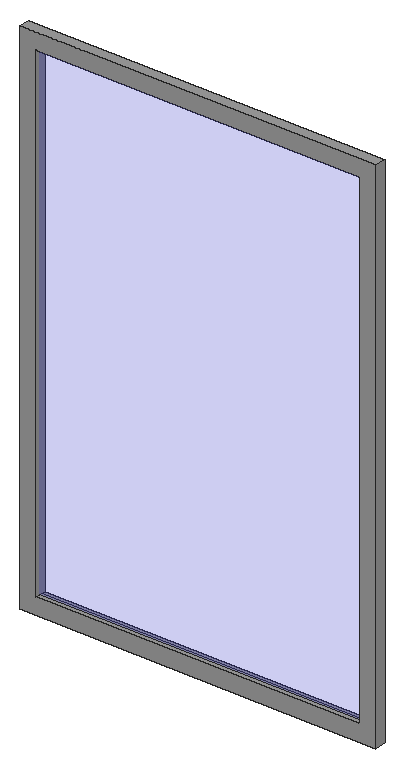
Revit family
Parameters
  Glass Pane Material = Glass
  Offset = 75 mm
  Sash Material = Metal - Aluminum
  Sash Width = 75 mm
  Thickness = 50 mm
Reference planes
  plane 1: y = 0
  plane 2: z = 0
  plane 3: x = 0
  plane 4: x = -831.877
  plane 5: x = 831.877
  plane 6: z = 2438.4
  plane 7: y = 75
  plane 8: y = 25
  plane 9: z = 2363.4
  plane 10: z = 75
  plane 11: x = 756.877
  plane 12: x = -756.877
  plane 13 "Closure": y = 44.05
Forms (mm)
  Extrusion 1, solid, material "Metal - Aluminum" <- "Sash Material"
    sketch origin (0, 0, 0) x (0, 0, -1) y (1, 0, 0)
      loop
        line (-2438.4, 831.877) -> (-2438.4, -831.877) -> (0, -831.877) -> (0, 831.877) -> (-2438.4, 831.877)
      loop
        line (-2363.4, 756.877) -> (-2363.4, -756.877) -> (-75, -756.877) -> (-75, 756.877) -> (-2363.4, 756.877)
    from -75 to -25
  Extrusion 2, solid, material "Glass" <- "Glass Pane Material"
    sketch origin (0, 25, 0) x (0, 0, -1) y (1, 0, 0)
      loop
        line (-2363.4, -756.877) -> (-75, -756.877) -> (-75, 756.877) -> (-2363.4, 756.877) -> (-2363.4, -756.877)
    from -31.75 to -19.05
Lines and regions (mm)
  symbolic lines, style "WindowsFrameMullionProjection"
    curve 1: line (756.877, 75, 0) -> (-756.877, 75, 0)
    curve 2: line (831.877, 25, 0) -> (831.877, 75, 0)
    curve 3: line (-756.877, 25, 0) -> (756.877, 25, 0)
    curve 4: line (-831.877, 75, 0) -> (-831.877, 25, 0)
    curve 9: line (-831.877, 75, 0) -> (-756.877, 75, 0)
    curve 10: line (-831.877, 25, 0) -> (-831.877, 75, 0)
    curve 11: line (-756.877, 25, 0) -> (-831.877, 25, 0)
    curve 12: line (-756.877, 75, 0) -> (-756.877, 25, 0)
    curve 13: line (831.877, 75, 0) -> (756.877, 75, 0)
    curve 14: line (831.877, 25, 0) -> (831.877, 75, 0)
    curve 15: line (756.877, 25, 0) -> (831.877, 25, 0)
    curve 16: line (756.877, 75, 0) -> (756.877, 25, 0)
  symbolic lines, style "Elevation Swing"
    curve 5: line (756.877, 0, 75) -> (7.617, 0, 2363.4)
    curve 6: line (-756.877, 0, 75) -> (7.617, 0, 2363.4)
    curve 7: line (756.877, 75, 75) -> (7.617, 75, 2363.4)
    curve 8: line (-756.877, 75, 75) -> (7.617, 75, 2363.4)
  symbolic lines, style "WindowsGlassProjection"
    curve 17: line (-756.877, 49.6, 0) -> (756.877, 49.6, 0)
Text (mm)
  text "Exterior" at (-205.379, 797.241, 0), in view "Base Line"
Dimensions and locks
  equal spacing: plane 4, plane 3, plane 5
  "Offset": plane 1 to plane 7
  "Thickness": plane 8 to plane 7
  "Sash Width": plane 11 to plane 5
  "Sash Width": plane 4 to plane 12
  "Sash Width": plane 9 to plane 6
  "Sash Width": plane 2 to plane 10
  Extrusion 2 to Extrusion 2 to plane 7 = 12.7 mm, 18.25 mm
  locked: plane 13 "Closure" to plane 7 at 30.95
  aligned and locked: Extrusion 1 to plane 7
  aligned and locked: plane 8 to Extrusion 1
Automatic sketch dimensions
  Extrusion 1 sketch curve to plane 4 = 0 mm
  Extrusion 1 sketch curve to plane 6 = 0 mm
  Extrusion 1 sketch curve to plane 9 = 0 mm
  Extrusion 1 sketch curve to plane 10 = 0 mm
  Extrusion 1 sketch curve to level = 0 mm
  Extrusion 1 sketch curve to plane 12 = 0 mm
  Extrusion 1 sketch curve to plane 11 = 0 mm
  Extrusion 1 sketch curve to plane 5 = 0 mm
  Extrusion 2 sketch curve to plane 9 = 0 mm
  Extrusion 2 sketch curve to plane 10 = 0 mm
  Extrusion 2 sketch curve to plane 12 = 0 mm
  Extrusion 2 sketch curve to plane 11 = 0 mm
  curve 5 to plane 9 = 0 mm
  curve 7 to plane 9 = 0 mm
  curve 7 to plane 10 = 0 mm
  curve 8 to plane 10 = 0 mm
  curve 6 to plane 10 = 0 mm
  curve 5 to plane 10 = 0 mm
  curve 6 to plane 12 = 0 mm
  curve 8 to plane 12 = 0 mm
  curve 7 to plane 11 = 0 mm
  curve 5 to plane 11 = 0 mm
  plane 3 to curve 6 = 7.617 mm
  curve 7 to curve 6 = 0 mm
  curve 11 to plane 4 = 0 mm
  curve 12 to plane 7 = 0 mm
  curve 12 to plane 12 = 0 mm
  curve 3 to plane 8 = 0 mm
  curve 1 to plane 11 = 0 mm
  curve 13 to plane 5 = 0 mm
  plane 13 "Closure" to curve 17 = 5.55 mm
